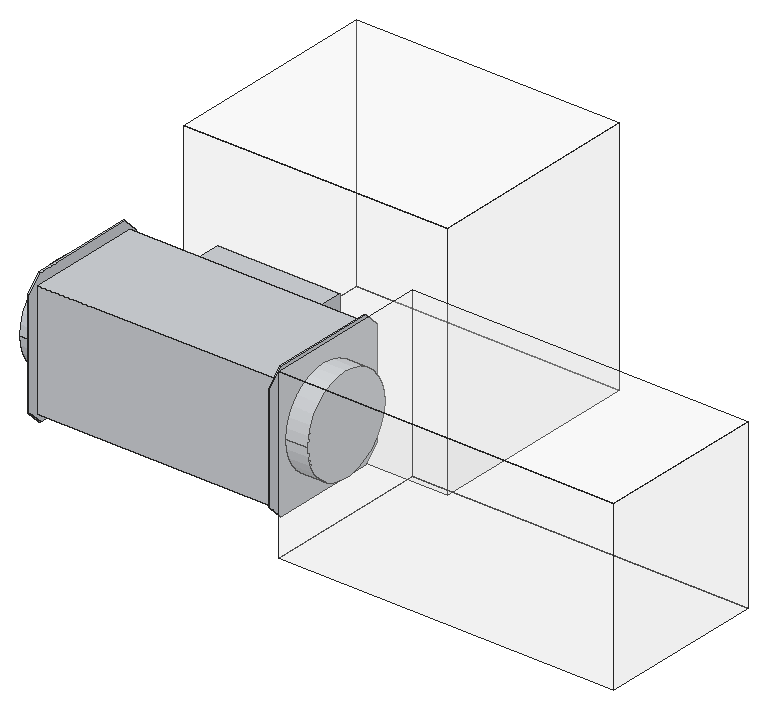
Revit family "140_VAV_変風量ユニット_丸ダクト用_R20", category Duct Accessories, Revit 2020
Family settings
  Round Connector Dimension = Use Diameter
  Part Type = Breaks Into
  OmniClass Number = 23.75.70.11.14.14
  OmniClass Title = Dampers for Air Ductwork
  Work Plane-Based = No
  Always vertical = Yes
  Cut with Voids When Loaded = No
  Shared = No
Parameters (values of type "変風量ユニット_丸ダクト用")
  風量 [instance] = 0.0 m³/h
  風速 = 0.0 m/s
  質量 = 7.00 kg
  製品出荷対象 = ""
  製品リリース年月 = ""
  法定耐用年数 = "15"
  圧力損失 [instance] = 0.0 Pa
  メンテナンススペース [instance] = yes
  メンテ_W [instance] = 700 mm
  メンテ_H [instance] = 350 mm
  メンテ_D [instance] = 350 mm
  VAV長さ [instance] = 550 mm
  Default Elevation = 0 mm
  2D記号 = 記号_変風量ユニット : 1/100
  製品グループ = ""
  耐圧 [instance] = ""
  符号 = "VAV"
  積算_科目 = ""
  積算_拾い区分 [instance] = ""
  built-in parameter 1114242 [instance] = 1
  材質 = ""
  方向2 [instance] = not(方向1)  # no
  方向1 [instance] = yes
  文字 [instance] = ""
  呼称 = "変風量ユニット"
  分類コード = "50059004100020"
  分類グループ = ""
  企業コード = ""
  仕様書バージョン = "Version1.0"
  仕様7 [instance] = ""
  仕様6 [instance] = ""
  仕様5 [instance] = ""
  仕様4 [instance] = ""
  仕様3 [instance] = ""
  仕様2 [instance] = ""
  仕様 [instance] = ""
  ダクト径 [instance] = 200 mm
  本体マテリアル = none
  コメント [instance] = ""
  Width [instance] = 280 mm
  Version = ""
  Uniclass2015Version = "Systems v1.9"
  Uniclass2015Title = "Variable air volume boxes"
  Uniclass2015Code = "Pr_65_65_24_93"
  SpecificationReference = ""
  SpecificationDescription = ""
  Revision = ""
  ProductInformation = ""
  OmniClassCode = "23-33 41 17 13"
  IfcTypeProduct = ""
  IfcProduct = ""
  IfcExportType = "VARIABLEFLOWPRESSUREDEPENDANT"
  IfcExportAs = "IfcAirTerminalBoxType"
  Height [instance] = 280 mm
  Depth = 600 mm
  Author = "Revit User Group Japan"
  2D [instance] = yes
Reference planes
  plane 1 "中心(正面/背面)": y = 0
  plane 2: z = 0
  plane 3 "中心(左/右)": x = 0
  plane 4: y = 140
  plane 5: x = 300
  plane 6: z = 140
  plane 7: z = -140
  plane 8: x = 0
  plane 9: y = -140
  plane 10: x = -300
  plane 11: x = -250
  plane 12: x = 250
  plane 13: y = 120
  plane 14: y = -120
  plane 15: z = 120
  plane 16: z = -120
  plane 17: y = -110
  plane 18: y = 110
  plane 19: z = 110
  plane 20: z = -110
  plane 21: y = -140
Forms (mm)
  Extrusion 1, solid, material <- "本体マテリアル", detail levels medium+fine
    sketch origin (-158.75, 0, 0) x (1, 0, 0) y (0, 1, 0)
      loop
        line (-91.25, 120) -> (-91.25, -120) -> (408.75, -120) -> (408.75, 120) -> (-91.25, 120)
    from -120 to 120
  Extrusion 2, solid, material <- "本体マテリアル", detail levels fine
    sketch origin (0, 0, 0) x (0, 1, 0) y (0, 0, 1)
      loop
        circle (0, 0) r 100
    from -300 to -250
  Extrusion 3, solid, material <- "本体マテリアル", detail levels fine
    sketch origin (0, 0, 0) x (0, 1, 0) y (0, 0, 1)
      loop
        circle (0, 0) r 100
    from 250 to 300
  Extrusion 4, solid, material <- "本体マテリアル", detail levels fine
    sketch origin (0, 0, 0) x (0, 1, 0) y (0, 0, 1)
      loop
        line (110, -140) -> (140, -110) -> (140, 110) -> (110, 140) -> (-110, 140) -> (-140, 110) -> (-140, -110) -> (-110, -140) -> (110, -140)
    from -250 to -252.5
  Extrusion 5, solid, material <- "本体マテリアル", detail levels fine
    sketch origin (0, 0, 0) x (0, 1, 0) y (0, 0, 1)
      loop
        line (110, -140) -> (140, -110) -> (140, 110) -> (110, 140) -> (-110, 140) -> (-140, 110) -> (-140, -110) -> (-110, -140) -> (110, -140)
    from 250 to 252.5
  Extrusion 6, solid
    sketch origin (-11.5, -10, 0) x (1, 0, 0) y (0, 1, 0)
      loop
        line (-168.5, 275) -> (-168.5, 130) -> (86.5, 130) -> (86.5, 275) -> (-168.5, 275)
    from -50 to 50
Lines and regions (mm)
  symbolic lines, visible <- "方向1", detail levels medium+fine
    curve 1: line (-250, 120, 0) -> (250, 0, 0)
    curve 2: line (250, 0, 0) -> (-250, -120, 0)
  symbolic lines, visible <- "方向2", detail levels fine
    curve 3: line (250, 120, 0) -> (-250, 0, 0)
    curve 4: line (-250, 0, 0) -> (250, -120, 0)
  model lines, style "メンテナンススペース", visible <- "メンテナンススペース"
    curve 5: line (-250, 715, 0) -> (300, 265, 0)
    curve 6: line (300, 715, 0) -> (-250, 265, 0)
Dimensions and locks
  equal spacing: plane 6, plane 2, plane 7
  equal spacing: plane 4, plane 1 "中心(正面/背面)", plane 9
  "Width": plane 4 to plane 9
  "Width": plane 7 to plane 6
  equal spacing: plane 10, plane 3 "中心(左/右)", plane 5
  "Depth": plane 10 to plane 5
  locked: plane 12 to plane 5 at 50
  locked: plane 10 to plane 11 at 50
  locked: plane 4 to plane 13 at 20
  locked: plane 9 to plane 14 at 20
  locked: plane 15 to plane 6 at 20
  locked: plane 7 to plane 16 at 20
  locked: plane 4 to plane 18 at 30
  locked: plane 17 to plane 9 at 30
  locked: plane 19 to plane 6 at 30
  locked: plane 7 to plane 20 at 30
  locked: plane 12 to Extrusion 5 at 2.5
  locked: Extrusion 4 to plane 11 at 2.5
  "Height": plane 4 to plane 21
  locked: Extrusion 6 to Extrusion 6 at 255
  "ダクト径": diameter of Extrusion 3 sketch curve
  "ダクト径": diameter of Extrusion 2 sketch curve
  aligned and locked: plane 3 "中心(左/右)" to plane 8
  aligned and locked: Extrusion 2 to plane 10
  aligned and locked: plane 11 to Extrusion 2
  aligned and locked: Extrusion 3 to plane 12
  aligned and locked: Extrusion 1 to plane 15
  aligned and locked: plane 16 to Extrusion 1
  aligned and locked: Extrusion 5 to plane 12
  aligned and locked: Extrusion 4 to plane 11
  aligned and locked: plane 5 to Extrusion 3
  aligned and locked: plane 1 "中心(正面/背面)" to nested 1
  aligned and locked: nested 2 to plane 1 "中心(正面/背面)"
  aligned and locked: nested 2 to plane 8
  aligned and locked: plane 8 to nested 1
  aligned and locked: nested 4 to curve 6
  aligned and locked: curve 6 to nested 4
  aligned and locked: nested 4 to curve 5  (x2)
Automatic sketch dimensions
  curve 1 to plane 11 = 0 mm
  plane 1 "中心(正面/背面)" to curve 4 = 0 mm
  curve 4 to plane 11 = 0 mm
  curve 2 to plane 11 = 0 mm
  curve 4 to plane 12 = 0 mm
  plane 1 "中心(正面/背面)" to curve 1 = 0 mm
  curve 1 to plane 12 = 0 mm
  curve 3 to plane 12 = 0 mm
  curve 5 to plane 5 = 0 mm
  curve 2 to plane 14 = 0 mm
  curve 4 to plane 14 = 0 mm
  curve 1 to plane 13 = 0 mm
  curve 3 to plane 13 = 0 mm
  plane 4 to curve 6 = 125 mm
  curve 5 to curve 6 = 450 mm
  curve 6 to curve 5 = 450 mm
  Extrusion 1 sketch curve to plane 11 = 0 mm
  Extrusion 1 sketch curve to plane 12 = 0 mm
  Extrusion 1 sketch curve to plane 14 = 0 mm
  Extrusion 1 sketch curve to plane 13 = 0 mm
  Extrusion 2 sketch curve to level = 0 mm
  Extrusion 2 sketch curve to plane 1 "中心(正面/背面)" = 0 mm
  Extrusion 3 sketch curve to level = 0 mm
  Extrusion 3 sketch curve to plane 1 "中心(正面/背面)" = 0 mm
  Extrusion 4 sketch curve to plane 9 = 0 mm
  plane 7 to Extrusion 4 sketch curve = 0 mm
  Extrusion 4 sketch curve to plane 17 = 0 mm  (x2)
  plane 6 to Extrusion 4 sketch curve = 0 mm
  Extrusion 4 sketch curve to plane 18 = 0 mm  (x2)
  Extrusion 4 sketch curve to plane 4 = 0 mm
  plane 20 to Extrusion 4 sketch curve = 0 mm  (x2)
  plane 19 to Extrusion 4 sketch curve = 0 mm  (x2)
  Extrusion 5 sketch curve to plane 9 = 0 mm
  plane 7 to Extrusion 5 sketch curve = 0 mm
  Extrusion 5 sketch curve to plane 17 = 0 mm  (x2)
  plane 6 to Extrusion 5 sketch curve = 0 mm
  Extrusion 5 sketch curve to plane 18 = 0 mm  (x2)
  Extrusion 5 sketch curve to plane 4 = 0 mm
  plane 20 to Extrusion 5 sketch curve = 0 mm  (x2)
  plane 19 to Extrusion 5 sketch curve = 0 mm  (x2)
  Extrusion 6 sketch curve to plane 13 = 0 mm
  plane 11 to Extrusion 6 sketch curve = 70 mm
  plane 3 "中心(左/右)" to Extrusion 6 sketch curve = 75 mm
  plane 4 to Extrusion 6 sketch curve = 125 mm
Nested families
  nested 1: "記号_変風量ユニット" at (0, 0, 0), type "1/100", detail levels coarse
  nested 2: "記号_変風量ユニット" at (0, 0, 0) x (-1, 0, 0) z (0, 0, 1), type "1/100", not visible, detail levels coarse
  nested 3: "2D" at (650, 0, 0), visible <- "2D", type "サービススペース"
    with Width 700 mm, Height 350 mm, Depth 350 mm
  nested 4: "メンテナンススペース" at (25, 490, 0), visible <- "メンテナンススペース", type "サービススペース"
    with Width 550 mm, Depth 450 mm
Connectors
  hvac at (300, 0, 0), driven by "ダクト径", driven by "圧力損失", driven by "風量"
    settings: on Extrusion 3, index 3, duct flow 0.0 m³/h, flow factor 0, pres drop 0.0 Pa, loss coef 0, conn angle 0.00°, conn width 304.8 mm, conn height 304.8 mm, conn diameter 200 mm, duct sys type 29, conn prof type 0, flow config 1, flow direction 0, loss method 4, conn ref index 4, conn util no, is conn primary no, conn desc ""
  hvac at (-300, 0, 0), driven by "ダクト径", driven by "圧力損失", driven by "風量"
    settings: on Extrusion 2, index 4, duct flow 0.0 m³/h, flow factor 0, pres drop 0.0 Pa, loss coef 0, conn angle 0.00°, conn width 304.8 mm, conn height 304.8 mm, conn diameter 200 mm, duct sys type 29, conn prof type 0, flow config 1, flow direction 0, loss method 4, conn ref index 3, conn util no, is conn primary yes, conn desc ""
Definition of nested family "2D"
  Parameters (values of type "サービススペース")
    Default Elevation = 0 mm
    Width = 500 mm
    Height = 500 mm
    Depth = 500 mm
  Reference planes
    plane 1 "中心(正面/背面)": y = 0
    plane 2: z = 0
    plane 3 "中心(左/右)": x = 0
    plane 4: y = -250
    plane 5: x = 250
    plane 6: y = 250
    plane 7: x = -250
    plane 8: z = 250
    plane 9: z = -250
  Forms (mm)
    Extrusion 1, solid
      sketch origin (-638.939, 0, 72.39) x (1, 0, 0) y (0, 1, 0)
        loop
          line (388.939, 250) -> (388.939, -250) -> (888.939, -250) -> (888.939, 250) -> (388.939, 250)
      from -322.39 to 177.61
  Lines and regions (mm)
    symbolic lines
      curve 1: line (-250, 0, 250) -> (250, 0, 250)
      curve 2: line (-250, 0, -250) -> (-250, 0, 250)
      curve 3: line (250, 0, -250) -> (-250, 0, -250)
      curve 4: line (250, 0, 250) -> (250, 0, -250)
      curve 5: line (0, -250, 250) -> (0, 250, 250)
      curve 6: line (0, -250, -250) -> (0, -250, 250)
      curve 7: line (0, 250, -250) -> (0, -250, -250)
      curve 8: line (0, 250, 250) -> (0, 250, -250)
      curve 9: line (-250, 250, 0) -> (250, 250, 0)
      curve 10: line (-250, -250, 0) -> (-250, 250, 0)
      curve 11: line (250, -250, 0) -> (-250, -250, 0)
      curve 12: line (250, 250, 0) -> (250, -250, 0)
  Dimensions and locks
    equal spacing: plane 7, plane 3 "中心(左/右)", plane 5
    equal spacing: plane 4, plane 1 "中心(正面/背面)", plane 6
    "Depth": plane 4 to plane 6
    "Width": plane 7 to plane 5
    equal spacing: plane 8, plane 2, plane 9
    "Height": plane 8 to plane 9
    aligned and locked: plane 9 to curve 3
    aligned and locked: plane 7 to curve 2
    aligned and locked: curve 4 to plane 5
    aligned and locked: plane 5 to Extrusion 1
    aligned and locked: Extrusion 1 to plane 7
    aligned and locked: Extrusion 1 to plane 9
    aligned and locked: plane 8 to Extrusion 1
    aligned and locked: plane 9 to curve 7
  Automatic sketch dimensions
    plane 4 to Extrusion 1 sketch curve = 0 mm
    Extrusion 1 sketch curve to plane 7 = 0 mm
    Extrusion 1 sketch curve to plane 5 = 0 mm
    plane 6 to Extrusion 1 sketch curve = 0 mm
    curve 2 to plane 8 = 0 mm
    plane 4 to curve 11 = 0 mm
    curve 11 to plane 7 = 0 mm
    curve 11 to plane 5 = 0 mm
    plane 6 to curve 10 = 0 mm
    curve 7 to plane 4 = 0 mm
    curve 7 to plane 6 = 0 mm
    curve 6 to plane 8 = 0 mm
Definition of nested family "メンテナンススペース"
  Parameters (values of type "サービススペース")
    Default Elevation = 0 mm
    Width = 500 mm
    Height = 500 mm
    Depth = 500 mm
  Reference planes
    plane 1 "中心(正面/背面)": y = 0
    plane 2: z = 0
    plane 3 "中心(左/右)": x = 0
    plane 4: y = -250
    plane 5: x = 250
    plane 6: y = 250
    plane 7: x = -250
    plane 8: z = 250
    plane 9: z = -250
  Forms (mm)
    Extrusion 1, solid
      sketch origin (-638.939, 0, 72.39) x (1, 0, 0) y (0, 1, 0)
        loop
          line (388.939, 250) -> (388.939, -250) -> (888.939, -250) -> (888.939, 250) -> (388.939, 250)
      from -322.39 to 177.61
  Lines and regions (mm)
    symbolic lines
      curve 1: line (-250, 0, 250) -> (250, 0, 250)
      curve 2: line (-250, 0, -250) -> (-250, 0, 250)
      curve 3: line (250, 0, -250) -> (-250, 0, -250)
      curve 4: line (250, 0, 250) -> (250, 0, -250)
      curve 5: line (0, -250, 250) -> (0, 250, 250)
      curve 6: line (0, -250, -250) -> (0, -250, 250)
      curve 7: line (0, 250, -250) -> (0, -250, -250)
      curve 8: line (0, 250, 250) -> (0, 250, -250)
      curve 9: line (-250, 250, 0) -> (250, 250, 0)
      curve 10: line (-250, -250, 0) -> (-250, 250, 0)
      curve 11: line (250, -250, 0) -> (-250, -250, 0)
      curve 12: line (250, 250, 0) -> (250, -250, 0)
  Dimensions and locks
    equal spacing: plane 7, plane 3 "中心(左/右)", plane 5
    equal spacing: plane 4, plane 1 "中心(正面/背面)", plane 6
    "Depth": plane 4 to plane 6
    "Width": plane 7 to plane 5
    equal spacing: plane 8, plane 2, plane 9
    "Height": plane 8 to plane 9
    aligned and locked: plane 9 to curve 3
    aligned and locked: plane 7 to curve 2
    aligned and locked: curve 4 to plane 5
    aligned and locked: plane 5 to Extrusion 1
    aligned and locked: Extrusion 1 to plane 7
    aligned and locked: Extrusion 1 to plane 9
    aligned and locked: plane 8 to Extrusion 1
    aligned and locked: plane 9 to curve 7
  Automatic sketch dimensions
    plane 4 to Extrusion 1 sketch curve = 0 mm
    Extrusion 1 sketch curve to plane 7 = 0 mm
    Extrusion 1 sketch curve to plane 5 = 0 mm
    plane 6 to Extrusion 1 sketch curve = 0 mm
    curve 2 to plane 8 = 0 mm
    plane 4 to curve 11 = 0 mm
    curve 11 to plane 7 = 0 mm
    curve 11 to plane 5 = 0 mm
    plane 6 to curve 10 = 0 mm
    curve 7 to plane 4 = 0 mm
    curve 7 to plane 6 = 0 mm
    curve 6 to plane 8 = 0 mm
Definition of nested family "記号_変風量ユニット"
  Parameters
    倍率 = 1
    W = 5 mm * 倍率  # 5 mm
    D = 3 mm * 倍率  # 3 mm
  Reference planes
    plane 1: y = 0
    plane 2: x = 0
  Lines and regions (mm)
    Filled region 1, type "塗り潰し領域"
      outline origin (0, 0, 0) x (1, 0, 0) y (0, 1, 0)
        loop
          line (-2.5, -1.5) -> (2.5, 0) -> (-2.5, 1.5) -> (-2.5, -1.5)
    detail lines
      curve 1: line (-2.5, 1.5, 0) -> (2.5, 1.5, 0)
      curve 2: line (-2.5, -1.5, 0) -> (-2.5, 1.5, 0)
      curve 3: line (2.5, -1.5, 0) -> (-2.5, -1.5, 0)
      curve 4: line (2.5, 1.5, 0) -> (2.5, -1.5, 0)
      curve 5: line (-2.5, 1.5, 0) -> (2.5, 0, 0)
      curve 6: line (-2.5, -1.5, 0) -> (2.5, 0, 0)
    reference lines
      curve 7: line (-2.5, -4.77, 0) -> (-2.5, 4.892, 0)
      curve 8: line (2.5, 4.892, 0) -> (2.5, -4.77, 0)
      curve 9: line (-4.482, 1.5, 0) -> (4.48, 1.5, 0)
      curve 10: line (4.48, -1.5, 0) -> (-4.482, -1.5, 0)
  Dimensions and locks
    equal spacing: curve 10, plane 1, curve 9
    "D": curve 9 to curve 10
    equal spacing: curve 7, plane 2, curve 8
    "W": curve 7 to curve 8
    aligned and locked: curve 9 to curve 1
    aligned and locked: curve 10 to curve 3
    aligned and locked: curve 7 to curve 2
    aligned and locked: curve 8 to curve 4
    aligned and locked: curve 2 to Filled region 1 sketch curve
    aligned and locked: Filled region 1 sketch curve to curve 5
    aligned and locked: Filled region 1 sketch curve to curve 6
  Automatic sketch dimensions
    plane 1 to curve 5 = 0 mm
    curve 9 to curve 7 = 1.982 mm
    curve 10 to curve 9 = 0 mm
    curve 8 to curve 10 = 1.98 mm
    curve 9 to curve 10 = 0 mm
    curve 7 to curve 10 = 3.27 mm
    curve 8 to curve 10 = 3.27 mm
    curve 9 to curve 8 = 3.392 mm
    curve 9 to curve 7 = 3.392 mm
